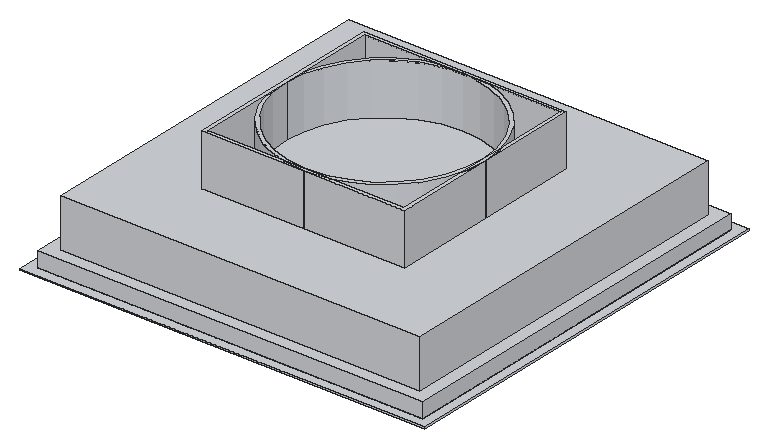
Revit family "PDI", category Air Terminals, Revit 2012
Parameters (values of type "PDI-C-08-16")
  URL = "http://www.innes.com.mx"
  Radio = A cuello / 2  # 3 15/16"
  Mínima velocidad de cuello = 0 FPM
  Mínima presión estática = 0.00 in-wg
  Máximo nivel de ruido (NC) = ""
  Máxima velocidad de cuello = 0 FPM
  Máxima presión estática = 0.00 in-wg
  Min Flow = 0 CFM
  Max Flow = 0 CFM
  Material = ""
  Manufacturer = "INNES"
  Diametro interior = Radio - 1/8"  # 3 13/16"
  Cuello Redondo = yes
  Cuello Cuadrado = yes
  Cuello = ""
  Base 2 = 14"
  Base 1 = 15"
  B plato = 15 3/4"
  Alto plato = 2 1/2"
  Alto base = 5/8"
  A cuello = 7 7/8"
Types (9): name | Radio | Diametro interior | Cuello Redondo | Cuello Cuadrado | Base 2 | Base 1 | B plato | A cuello
  (no name) | 3 15/16" | 3 13/16" | yes | yes | 14" | 15" | 15 3/4" | 7 7/8"
  PDI-C-06-12 | 2 15/16" | 2 13/16" | no | yes | 10 3/8" | 11" | 11 3/4" | 5 7/8"
  PDI-C-08-16 | 3 15/16" | 3 13/16" | yes | yes | 14" | 15" | 15 3/4" | 7 7/8"
  PDI-C-10-20 | 4 15/16" | 4 13/16" | yes | yes | 18" | 19" | 19 3/4" | 9 7/8"
  PDI-C-08-20 | 3 15/16" | 3 13/16" | yes | yes | 18" | 19" | 19 3/4" | 7 7/8"
  PDI-C-10-24 | 4 15/16" | 4 13/16" | yes | yes | 22" | 23" | 23 3/4" | 9 7/8"
  PDI-C-08-12 | 3 15/16" | 3 13/16" | yes | no | 10 3/8" | 11" | 11 3/4" | 7 7/8"
  PDI-C-10-16 | 4 15/16" | 4 13/16" | yes | yes | 14" | 15" | 15 3/4" | 9 7/8"
  PDI-C-12-24 | 5 15/16" | 5 13/16" | yes | no | 22" | 23" | 23 3/4" | 11 7/8"
Reference planes (in)
  plane 1 "Center (Front/Back)": y = 0
  plane 2: z = 0
  plane 3 "Center (Left/Right)": x = -0.96727
  plane 4: y = 7.875
  plane 5: y = -7.875
  plane 6: x = -8.84227
  plane 7: x = 6.90773
  plane 8: x = -8.46727
  plane 9: x = 6.53273
  plane 10: y = 7.5
  plane 11: y = -7.5
  plane 12: z = 0.625
  plane 13: z = 2.5
  plane 14 "Alto medida requerida": z = 4.5
  plane 15: x = -7.96727
  plane 16: x = 6.03273
  plane 17: y = 7
  plane 18: y = -7
  plane 19: y = 3.9375
  plane 20: y = -3.9375
  plane 21: x = -4.90477
  plane 22: x = 2.97023
Forms (in)
  Extrusion 1, solid, material "Default"
    sketch origin (0, 0, 0) x (1, 0, 0) y (0, 1, 0)
      loop
        line (-8.46727, 7.5) -> (-8.46727, -7.5) -> (6.53273, -7.5) -> (6.53273, 7.5) -> (-8.46727, 7.5)
    from 0.05931 to 0
  Extrusion 2, solid
    sketch origin (0, 0, 0) x (1, 0, 0) y (0, 1, 0)
      loop
        line (-7.96727, 7) -> (-7.96727, -7) -> (6.03273, -7) -> (6.03273, 7) -> (-7.96727, 7)
    from 0.625 to 2.5
  Extrusion 3, solid, visible <- "Cuello Cuadrado"
    sketch origin (0, 0, 0) x (1, 0, 0) y (0, 1, 0)
      loop
        line (-4.90477, 3.9375) -> (-4.90477, -3.9375) -> (2.97023, -3.9375) -> (2.97023, 3.9375) -> (-4.90477, 3.9375)
      loop
        line (-4.77977, 3.8125) -> (-4.77977, -3.8125) -> (2.84523, -3.8125) -> (2.84523, 3.8125) -> (-4.77977, 3.8125)
    from 2.5 to 4.5
  Extrusion 4, solid, visible <- "Cuello Redondo"
    sketch origin (0, 0, 0) x (1, 0, 0) y (0, 1, 0)
      loop
        circle (-0.96727, 0) r 3.9375
      loop
        circle (-0.96727, 0) r 3.8125
    from 2.5 to 4.5
  Extrusion 5, solid
    sketch origin (0, 0, 4.5) x (0, 1, 0) y (-1, 0, 0)
      loop
        line (7.5, 8.46727) -> (-7.5, 8.46727) -> (-7.5, -6.53273) -> (7.5, -6.53273) -> (7.5, 8.46727)
    from -4.44069 to -3.875
  Extrusion 6, solid
    sketch origin (0, 0, 0) x (1, 0, 0) y (0, 1, 0)
      loop
        line (-8.84227, 7.875) -> (-8.84227, -7.875) -> (6.90773, -7.875) -> (6.90773, 7.875) -> (-8.84227, 7.875)
      loop
        line (-8.46727, 7.5) -> (-8.46727, -7.5) -> (6.53273, -7.5) -> (6.53273, 7.5) -> (-8.46727, 7.5)
    from 0 to 0.05931
Dimensions and locks (in)
  equal spacing: plane 6, plane 3 "Center (Left/Right)", plane 7
  "B plato": plane 6 to plane 7
  equal spacing: plane 4, plane 1 "Center (Front/Back)", plane 5
  "B plato": plane 4 to plane 5
  equal spacing: plane 8, plane 3 "Center (Left/Right)", plane 9
  "Base 1": plane 8 to plane 9
  equal spacing: plane 10, plane 1 "Center (Front/Back)", plane 11
  "Base 1": plane 10 to plane 11
  locked: plane 14 "Alto medida requerida" to plane 13 at 2
  locked: plane 12 to level at 0.625
  locked: plane 13 to level at 2.5
  equal spacing: plane 15, plane 3 "Center (Left/Right)", plane 16
  "Base 2": plane 15 to plane 16
  equal spacing: plane 17, plane 1 "Center (Front/Back)", plane 18  (x2)
  "Base 2": plane 17 to plane 18
  equal spacing: plane 19, plane 1 "Center (Front/Back)", plane 20
  "A cuello": plane 19 to plane 20
  equal spacing: plane 21, plane 3 "Center (Left/Right)", plane 22
  "A cuello": plane 21 to plane 22
  "Radio": radius of Extrusion 4 sketch curve
  "Diametro interior": radius of Extrusion 4 sketch curve
  aligned and locked: plane 2 to level
  aligned and locked: Extrusion 1 sketch curve to plane 10
  aligned and locked: Extrusion 1 sketch curve to plane 8
  aligned and locked: Extrusion 1 sketch curve to plane 11
  aligned and locked: Extrusion 1 sketch curve to plane 9
  aligned and locked: Extrusion 2 sketch curve to plane 17
  aligned and locked: plane 15 to Extrusion 2 sketch curve
  aligned and locked: Extrusion 2 sketch curve to plane 18
  aligned and locked: Extrusion 2 sketch curve to plane 16
  aligned and locked: Extrusion 2 to plane 12
  aligned and locked: Extrusion 1 to level
  aligned and locked: Extrusion 5 sketch curve to Extrusion 1  (x4)
  aligned and locked: plane 12 to Extrusion 5
  aligned and locked: plane 9 to Extrusion 5
  aligned and locked: Extrusion 5 to plane 8
  aligned and locked: plane 10 to Extrusion 5
  aligned and locked: Extrusion 5 to plane 11
  aligned and locked: Extrusion 6 sketch curve to plane 4
  aligned and locked: plane 6 to Extrusion 6 sketch curve
  aligned and locked: plane 5 to Extrusion 6 sketch curve
  aligned and locked: Extrusion 6 sketch curve to plane 7
  aligned and locked: Extrusion 6 sketch curve to Extrusion 1  (x4)
  aligned and locked: Extrusion 6 to Extrusion 1
  aligned and locked: plane 7 to Extrusion 6
  aligned and locked: Extrusion 6 to plane 6
  aligned and locked: Extrusion 6 to plane 5
  aligned and locked: plane 4 to Extrusion 6
Automatic sketch dimensions
  plane 20 to Extrusion 3 sketch curve = 0"
  Extrusion 3 sketch curve to plane 21 = 0"
  Extrusion 3 sketch curve to plane 22 = 0"
  Extrusion 3 sketch curve to plane 19 = 0"
  Extrusion 3 sketch curve to plane 19 = 1/8"
  Extrusion 3 sketch curve to plane 22 = 1/8"
  Extrusion 3 sketch curve to plane 20 = 1/8"
  plane 21 to Extrusion 3 sketch curve = 1/8"
  Extrusion 4 sketch curve to Extrusion 4 sketch curve = 0"  (x2)
  plane 1 "Center (Front/Back)" to Extrusion 4 sketch curve = 0"
  Extrusion 4 sketch curve to plane 3 "Center (Left/Right)" = 0"
  Extrusion 6 sketch curve to plane 7 = 0"
Connectors (in)
  hvac at (-0.96727, 0, 4.5), driven by "Radio"
    settings: on Extrusion 4, index 1, duct flow 0 CFM, flow factor 0, pres drop 0.00 in-wg, loss coef 0, conn angle 0.00°, conn width 12", conn height 12", conn radius 3 15/16", duct sys type 1, conn prof type 0, flow config 0, flow direction 0, loss method 0, conn ref index -1, conn util no, is conn primary yes, conn desc ""
  hvac at (-0.96727, 0, 4.5), driven by "A cuello", driven by "A cuello"
    settings: on Extrusion 3, index 2, duct flow 0 CFM, flow factor 0, pres drop 0.00 in-wg, loss coef 0, conn angle 0.00°, conn width 7 7/8", conn height 7 7/8", conn radius 12", duct sys type 1, conn prof type 1, flow config 0, flow direction 0, loss method 0, conn ref index -1, conn util no, is conn primary no, conn desc ""
Types in the file's own list only (35): name | Radio | Mínima velocidad de cuello | Mínima presión estática | Máximo nivel de ruido (NC) | Máxima velocidad de cuello | Máxima presión estática | Min Flow | Max Flow | Material | Diametro interior | Cuello Redondo | Cuello Cuadrado | Cuello | Base 2 | Base 1 | B plato | A cuello
  PDI-C-10-12 | 4 15/16" | 0 FPM | 0.00 in-wg | "0" | 0 FPM | 0.00 in-wg | 0 CFM | 0 CFM | "Aluminio/Fierro/Inox" | 4 13/16" | No | Yes | "Cuadrado" | 10 3/8" | 11" | 11 3/4" | 9 7/8"
  PDI-R-06-12 | 2 15/16" | 255 FPM | 0.02 in-wg | "40" | 1275 FPM | 0.10 in-wg | 50 CFM | 250 CFM | "Aluminio/Fierro/Inox" | 2 13/16" | Yes | No | "Redondo" | 10 3/8" | 11" | 11 3/4" | 5 7/8"
  PDI-R-08-12 | 3 15/16" | 0 FPM | 0.00 in-wg | "0" | 0 FPM | 0.00 in-wg | 0 CFM | 0 CFM | "Aluminio/Fierro/Inox" | 3 13/16" | Yes | No | "Redondo" | 10 3/8" | 11" | 11 3/4" | 7 7/8"
  PDI-C-06-16 | 2 15/16" | 0 FPM | 0.00 in-wg | "0" | 0 FPM | 0.00 in-wg | 0 CFM | 0 CFM | "Aluminio/Fierro/Inox" | 2 13/16" | No | Yes | "Cuadrado" | 14" | 15" | 15 3/4" | 5 7/8"
  PDI-C-12-16 | 5 15/16" | 0 FPM | 0.00 in-wg | "0" | 0 FPM | 0.00 in-wg | 0 CFM | 0 CFM | "Aluminio/Fierro/Inox" | 5 13/16" | No | Yes | "Cuadrado" | 14" | 15" | 15 3/4" | 11 7/8"
  PDI-C-14-16 | 6 15/16" | 0 FPM | 0.00 in-wg | "0" | 0 FPM | 0.00 in-wg | 0 CFM | 0 CFM | "Aluminio/Fierro/Inox" | 6 13/16" | No | Yes | "Cuadrado" | 14" | 15" | 15 3/4" | 13 7/8"
  PDI-R-06-16 | 2 15/16" | 0 FPM | 0.00 in-wg | "0" | 0 FPM | 0.00 in-wg | 0 CFM | 0 CFM | "Aluminio/Fierro/Inox" | 2 13/16" | Yes | No | "Redondo" | 14" | 15" | 15 3/4" | 5 7/8"
  PDI-R-08-16 | 3 15/16" | 285 FPM | 0.01 in-wg | "46" | 1430 FPM | 0.13 in-wg | 100 CFM | 500 CFM | "Aluminio/Fierro/Inox" | 3 13/16" | Yes | No | "Redondo" | 14" | 15" | 15 3/4" | 7 7/8"
  PDI-R-10-16 | 4 15/16" | 0 FPM | 0.00 in-wg | "0" | 0 FPM | 0.00 in-wg | 0 CFM | 0 CFM | "Aluminio/Fierro/Inox" | 4 13/16" | Yes | No | "Redondo" | 14" | 15" | 15 3/4" | 9 7/8"
  PDI-R-12-16 | 5 15/16" | 0 FPM | 0.00 in-wg | "0" | 0 FPM | 0.00 in-wg | 0 CFM | 0 CFM | "Aluminio/Fierro/Inox" | 5 13/16" | Yes | No | "Redondo" | 14" | 15" | 15 3/4" | 11 7/8"
  PDI-C-06-20 | 2 15/16" | 0 FPM | 0.00 in-wg | "0" | 0 FPM | 0.00 in-wg | 0 CFM | 0 CFM | "Aluminio/Fierro/Inox" | 2 13/16" | No | Yes | "Cuadrado" | 18" | 19" | 19 3/4" | 5 7/8"
  PDI-C-12-20 | 5 15/16" | 0 FPM | 0.00 in-wg | "0" | 0 FPM | 0.00 in-wg | 0 CFM | 0 CFM | "Aluminio/Fierro/Inox" | 5 13/16" | No | Yes | "Cuadrado" | 18" | 19" | 19 3/4" | 11 7/8"
  PDI-C-14-20 | 6 15/16" | 0 FPM | 0.00 in-wg | "0" | 0 FPM | 0.00 in-wg | 0 CFM | 0 CFM | "Aluminio/Fierro/Inox" | 6 13/16" | No | Yes | "Cuadrado" | 18" | 19" | 19 3/4" | 13 7/8"
  PDI-C-16-20 | 7 15/16" | 0 FPM | 0.00 in-wg | "0" | 0 FPM | 0.00 in-wg | 0 CFM | 0 CFM | "Aluminio/Fierro/Inox" | 7 13/16" | No | Yes | "Cuadrado" | 18" | 19" | 19 3/4" | 15 7/8"
  PDI-C-18-20 | 8 15/16" | 0 FPM | 0.00 in-wg | "0" | 0 FPM | 0.00 in-wg | 0 CFM | 0 CFM | "Aluminio/Fierro/Inox" | 8 13/16" | No | Yes | "Cuadrado" | 18" | 19" | 19 3/4" | 17 7/8"
  PDI-R-06-20 | 2 15/16" | 0 FPM | 0.00 in-wg | "0" | 0 FPM | 0.00 in-wg | 0 CFM | 0 CFM | "Aluminio/Fierro/Inox" | 2 13/16" | Yes | No | "Redondo" | 18" | 19" | 19 3/4" | 5 7/8"
  PDI-R-08-20 | 3 15/16" | 0 FPM | 0.00 in-wg | "0" | 0 FPM | 0.00 in-wg | 0 CFM | 0 CFM | "Aluminio/Fierro/Inox" | 3 13/16" | Yes | No | "Redondo" | 18" | 19" | 19 3/4" | 7 7/8"
  PDI-R-10-20 | 4 15/16" | 275 FPM | 0.01 in-wg | "44" | 1380 FPM | 0.17 in-wg | 150 CFM | 800 CFM | "Aluminio/Fierro/Inox" | 4 13/16" | Yes | No | "Redondo" | 18" | 19" | 19 3/4" | 9 7/8"
  PDI-R-12-20 | 5 15/16" | 0 FPM | 0.00 in-wg | "0" | 0 FPM | 0.00 in-wg | 0 CFM | 0 CFM | "Aluminio/Fierro/Inox" | 5 13/16" | Yes | No | "Redondo" | 18" | 19" | 19 3/4" | 11 7/8"
  PDI-R-14-20 | 6 15/16" | 0 FPM | 0.00 in-wg | "0" | 0 FPM | 0.00 in-wg | 0 CFM | 0 CFM | "Aluminio/Fierro/Inox" | 6 13/16" | Yes | No | "Redondo" | 18" | 19" | 19 3/4" | 13 7/8"
  PDI-R-16-20 | 7 15/16" | 0 FPM | 0.00 in-wg | "0" | 0 FPM | 0.00 in-wg | 0 CFM | 0 CFM | "Aluminio/Fierro/Inox" | 7 13/16" | Yes | No | "Redondo" | 18" | 19" | 19 3/4" | 15 7/8"
  PDI-C-06-24 | 2 15/16" | 255 FPM | 0.01 in-wg | "44" | 1530 FPM | 0.08 in-wg | 50 CFM | 300 CFM | "Aluminio/Fierro/Inox" | 2 13/16" | No | Yes | "Cuadrado" | 22" | 23" | 23 3/4" | 5 7/8"
  PDI-C-08-24 | 3 15/16" | 285 FPM | 0.01 in-wg | "44" | 1430 FPM | 0.12 in-wg | 100 CFM | 600 CFM | "Aluminio/Fierro/Inox" | 3 13/16" | No | Yes | "Cuadrado" | 22" | 23" | 23 3/4" | 7 7/8"
  PDI-C-14-24 | 6 15/16" | 330 FPM | 0.01 in-wg | "53" | 1400 FPM | 0.26 in-wg | 350 CFM | 1500 CFM | "Aluminio/Fierro/Inox" | 6 13/16" | No | Yes | "Cuadrado" | 22" | 23" | 23 3/4" | 13 7/8"
  PDI-C-16-24 | 7 15/16" | 430 FPM | 0.03 in-wg | "51" | 1160 FPM | 0.22 in-wg | 600 CFM | 1800 CFM | "Aluminio/Fierro/Inox" | 7 13/16" | No | Yes | "Cuadrado" | 22" | 23" | 23 3/4" | 15 7/8"
  PDI-C-18-24 | 8 15/16" | 0 FPM | 0.00 in-wg | "0" | 0 FPM | 0.00 in-wg | 0 CFM | 0 CFM | "Aluminio/Fierro/Inox" | 8 13/16" | No | Yes | "Cuadrado" | 22" | 23" | 23 3/4" | 17 7/8"
  PDI-C-20-24 | 9 15/16" | 0 FPM | 0.00 in-wg | "0" | 0 FPM | 0.00 in-wg | 0 CFM | 0 CFM | "Aluminio/Fierro/Inox" | 9 13/16" | No | Yes | "Cuadrado" | 22" | 23" | 23 3/4" | 19 7/8"
  PDI-C-22-24 | 10 15/16" | 0 FPM | 0.00 in-wg | "0" | 0 FPM | 0.00 in-wg | 0 CFM | 0 CFM | "Aluminio/Fierro/Inox" | 10 13/16" | No | Yes | "Cuadrado" | 22" | 23" | 23 3/4" | 21 7/8"
  PDI-R-06-24 | 2 15/16" | 255 FPM | 0.01 in-wg | "44" | 1530 FPM | 0.08 in-wg | 50 CFM | 300 CFM | "Aluminio/Fierro/Inox" | 2 13/16" | Yes | No | "Redondo" | 22" | 23" | 23 3/4" | 5 7/8"
  PDI-R-08-24 | 3 15/16" | 285 FPM | 0.01 in-wg | "44" | 1430 FPM | 0.12 in-wg | 100 CFM | 600 CFM | "Aluminio/Fierro/Inox" | 3 13/16" | Yes | No | "Redondo" | 22" | 23" | 23 3/4" | 7 7/8"
  PDI-R-10-24 | 4 15/16" | 275 FPM | 0.01 in-wg | "46" | 1470 FPM | 0.20 in-wg | 150 CFM | 800 CFM | "Aluminio/Fierro/Inox" | 4 13/16" | Yes | No | "Redondo" | 22" | 23" | 23 3/4" | 9 7/8"
  PDI-R-12-24 | 5 15/16" | 255 FPM | 0.01 in-wg | "44" | 1150 FPM | 0.15 in-wg | 200 CFM | 900 CFM | "Aluminio/Fierro/Inox" | 5 13/16" | Yes | No | "Redondo" | 22" | 23" | 23 3/4" | 11 7/8"
  PDI-R-14-24 | 6 15/16" | 330 FPM | 0.01 in-wg | "53" | 1400 FPM | 0.26 in-wg | 350 CFM | 1500 CFM | "Aluminio/Fierro/Inox" | 6 13/16" | Yes | No | "Redondo" | 22" | 23" | 23 3/4" | 13 7/8"
  PDI-R-16-24 | 7 15/16" | 430 FPM | 0.03 in-wg | "51" | 1160 FPM | 0.22 in-wg | 600 CFM | 1800 CFM | "Aluminio/Fierro/Inox" | 7 13/16" | Yes | No | "Redondo" | 22" | 23" | 23 3/4" | 15 7/8"
  PDI-R-18-24 | 8 15/16" | 0 FPM | 0.00 in-wg | "0" | 0 FPM | 0.00 in-wg | 0 CFM | 0 CFM | "Aluminio/Fierro/Inox" | 8 13/16" | Yes | No | "Redondo" | 22" | 23" | 23 3/4" | 17 7/8"
